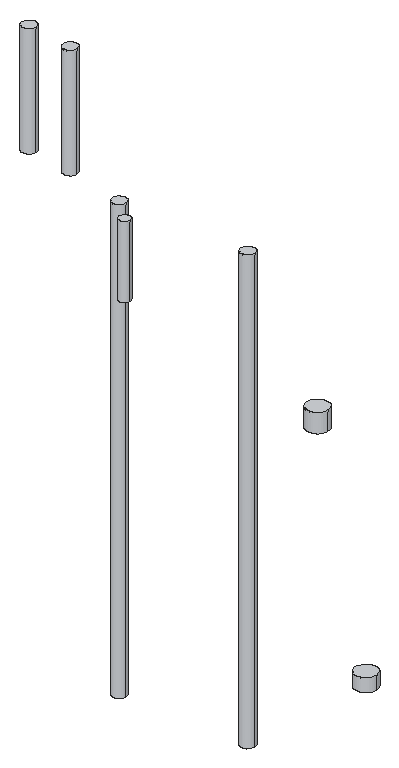
Revit family "Kundesentral veggmodell", category Mechanical Equipment, Revit 2022
Family settings
  Round Connector Dimension = Use Diameter
  Part Type = Normal
  OmniClass Number = 23.75.00.00
  OmniClass Title = Climate Control (HVAC)
  Work Plane-Based = No
  Always vertical = Yes
  Cut with Voids When Loaded = No
  Maintain Annotation Orientation = No
  Shared = No
  Room Calculation Point = No
Parameters
  Default Elevation = 0 mm
Reference planes
  plane 1 "Center (Front/Back)": y = 0
  plane 2: z = 0
  plane 3 "Center (Left/Right)": x = 0
Forms (mm)
  Extrusion 1, solid
    sketch origin (0, 0, 0) x (1, 0, 0) y (0, 1, 0)
      loop
        circle (296.485, -147.358) r 21.505
    from 238.85 to 276.805
  Extrusion 2, solid
    sketch origin (0, 0, 0) x (1, 0, 0) y (0, 1, 0)
      loop
        circle (394.463, -147.373) r 21.543
    from -196.27 to -170
  Extrusion 3, solid
    sketch origin (0, 0, 0) x (1, 0, 0) y (0, 1, 0)
      loop
        circle (-332.831, -91.56) r 14
      loop
        circle (-237.978, -105.241) r 14
    from 496.83 to 723.2
  Extrusion 4, solid
    sketch origin (0, 0, 0) x (1, 0, 0) y (0, 1, 0)
      loop
        circle (-148.978, -92.576) r 14
      loop
        circle (111.022, -91.951) r 14
    from -426 to 469
  Extrusion 5, solid
    sketch origin (0, 0, 0) x (1, 0, 0) y (0, 1, 0)
      loop
        circle (-15.846, -245.662) r 11
    from 404.67 to 550.584
Dimensions and locks
  aligned and locked: level to plane 2
Connectors
  piping at (-332.831, -91.56, 723.2), diameter 25
    settings: on Extrusion 3, index 1, connector inside diameter 609.6 mm, connector length 0 mm, flow factor 0, pipe flow 0.0 L/s, pressure drop 0.0 Pa, fitting loss kfactor 0, connector angle 0.00°, fixture units 0, engagement length 0 mm, angle of deflection 0.00°, flow configuration 2, flow direction 2, fitting loss method 0, system type 7, joint type 0, gender type 0, connector reference index -1, connector utility 0, adjustable connector no, is connector primary yes, connector description ""
  piping at (-237.978, -105.241, 723.2), diameter 25
    settings: on Extrusion 3, index 2, connector inside diameter 609.6 mm, connector length 0 mm, flow factor 0, pipe flow 0.0 L/s, pressure drop 0.0 Pa, fitting loss kfactor 0, connector angle 0.00°, fixture units 0, engagement length 0 mm, angle of deflection 0.00°, flow configuration 2, flow direction 1, fitting loss method 0, system type 8, joint type 0, gender type 0, connector reference index -1, connector utility 0, adjustable connector no, is connector primary no, connector description ""
  piping at (-148.978, -92.576, 469), diameter 28
    settings: on Extrusion 4, index 3, connector inside diameter 609.6 mm, connector length 0 mm, flow factor 0, pipe flow 0.0 L/s, pressure drop 0.0 Pa, fitting loss kfactor 0, connector angle 0.00°, fixture units 0, engagement length 0 mm, angle of deflection 0.00°, flow configuration 2, flow direction 1, fitting loss method 0, system type 19, joint type 0, gender type 0, connector reference index -1, connector utility 0, adjustable connector no, is connector primary no, connector description ""
  piping at (111.022, -91.951, 469), diameter 28
    settings: on Extrusion 4, index 4, connector inside diameter 609.6 mm, connector length 0 mm, flow factor 0, pipe flow 0.0 L/s, pressure drop 0.0 Pa, fitting loss kfactor 0, connector angle 0.00°, fixture units 0, engagement length 0 mm, angle of deflection 0.00°, flow configuration 2, flow direction 2, fitting loss method 0, system type 20, joint type 0, gender type 0, connector reference index -1, connector utility 0, adjustable connector no, is connector primary no, connector description ""
  piping at (-15.846, -245.662, 550.584), diameter 22
    settings: on Extrusion 5, index 5, connector inside diameter 609.6 mm, connector length 0 mm, flow factor 0, pipe flow 0.0 L/s, pressure drop 0.0 Pa, fitting loss kfactor 0, connector angle 0.00°, fixture units 0, engagement length 0 mm, angle of deflection 0.00°, flow configuration 2, flow direction 1, fitting loss method 0, system type 22, joint type 0, gender type 0, connector reference index -1, connector utility 0, adjustable connector no, is connector primary no, connector description ""
  piping at (296.485, -147.358, 276.805), diameter 40
    settings: on Extrusion 1, index 6, connector inside diameter 609.6 mm, connector length 0 mm, flow factor 0, pipe flow 0.0 L/s, pressure drop 0.0 Pa, fitting loss kfactor 0, connector angle 0.00°, fixture units 0, engagement length 0 mm, angle of deflection 0.00°, flow configuration 2, flow direction 2, fitting loss method 0, system type 7, joint type 0, gender type 0, connector reference index -1, connector utility 0, adjustable connector no, is connector primary no, connector description ""
  piping at (394.463, -147.373, -170), diameter 40
    settings: on Extrusion 2, index 7, connector inside diameter 609.6 mm, connector length 0 mm, flow factor 0, pipe flow 0.0 L/s, pressure drop 0.0 Pa, fitting loss kfactor 0, connector angle 0.00°, fixture units 0, engagement length 0 mm, angle of deflection 0.00°, flow configuration 2, flow direction 1, fitting loss method 0, system type 8, joint type 0, gender type 0, connector reference index -1, connector utility 0, adjustable connector no, is connector primary no, connector description ""
  piping at (111.022, -91.951, -426), diameter 28
    settings: on Extrusion 4, index 8, connector inside diameter 609.6 mm, connector length 0 mm, flow factor 0, pipe flow 0.0 L/s, pressure drop 0.0 Pa, fitting loss kfactor 0, connector angle 0.00°, fixture units 0, engagement length 0 mm, angle of deflection 0.00°, flow configuration 2, flow direction 2, fitting loss method 0, system type 20, joint type 0, gender type 0, connector reference index -1, connector utility 0, adjustable connector no, is connector primary no, connector description ""
  piping at (-148.978, -92.576, -426), diameter 28
    settings: on Extrusion 4, index 9, connector inside diameter 609.6 mm, connector length 0 mm, flow factor 0, pipe flow 0.0 L/s, pressure drop 0.0 Pa, fitting loss kfactor 0, connector angle 0.00°, fixture units 0, engagement length 0 mm, angle of deflection 0.00°, flow configuration 2, flow direction 1, fitting loss method 0, system type 19, joint type 0, gender type 0, connector reference index -1, connector utility 0, adjustable connector no, is connector primary no, connector description ""
